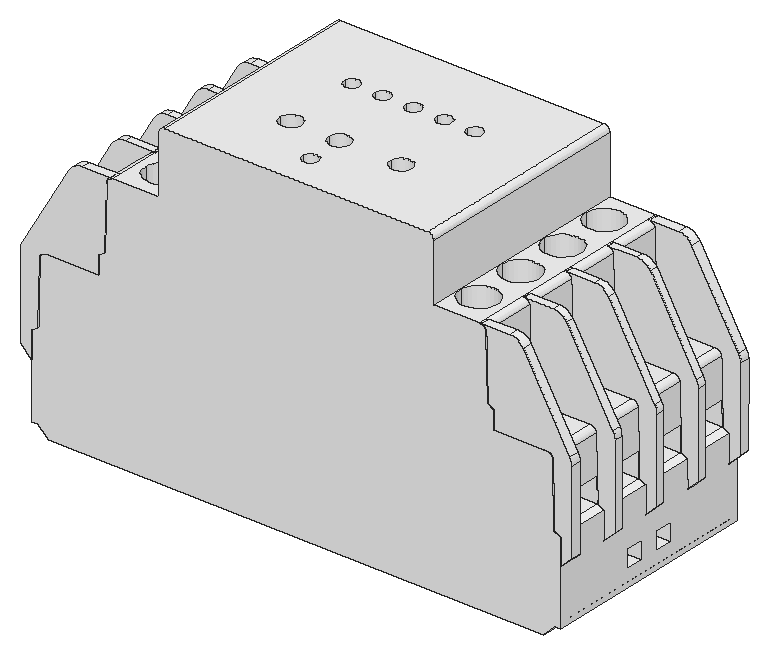
Revit family "Gira_531900", category Electrical Fixtures, host Face, Revit 2017
Family settings
  Host = Face
  Maintain Annotation Orientation = No
  Round Connector Dimension = Use Diameter
  Part Type = Normal
  Cut with Voids When Loaded = No
  Shared = No
  Room Calculation Point = No
Parameters (values of type "Pow.supply DC 12 V 2  A DRA Accessories")
  URL = "https://www.gira.de/"
  Type Comments = ""
  Model = ""
  Manufacturer = "Gira"
  Keynote = ""
  HeinzeBIM = "https://www.heinze.de/bim/pow-supply-dc-12-v-2-a-dra-accessories/d6225ded82d3066a22a992929dfc11803a763672"
  HAN = "531900"
  GTIN = "4010337774037"
  Description = "PS DC 12V 2A DRA Zub. Power supply DC 12 V   2 A ,DRA Features: - Power supply DC 12 V for the eNet server, eNet radio reception module and external camera."
  Default Elevation = 1219.2 mm
  Cost = 0
  BIMSITE_PRODUCT_ID = "d6225ded82d3066a22a992929dfc11803a763672"
  BIM = "https://media.live.bim.site/t/eyJhbGciOiJIUzI1NiIsInR5cCI6IkpXVCJ9.eyJjdCI6MSwidGYiOiJwdWJsaWMvZ2lyYS8wOWY1ZGI1L1JFRyAyZi5yZmEiLCJjaWQiOiJmZWQ5OGU5YS0xYmQ4LTRjNjgtYTczYi03NGE5NGUzMTU4MjMiLCJyaWQiOiJhOGU0ZjcyNzYxYWFkNjAwYzFiNzEzNjcwMjVmMGI2YyIsInBpZCI6ImQ2MjI1ZGVkODJkMzA2NmEyMmE5OTI5MjlkZmMxMTgwM2E3NjM2NzIiLCJzaWQiOiI2MzQ3MCIsInV0Ijo1LCJsYyI6ImVuIiwiaWF0IjoxNjA3NDQxODg4LCJpc3MiOiJodHRwczovL2FwaS5saXZlLmJpbS5zaXRlIiwic3ViIjoiOGQzYWE1Y2ItZTA2Ni00NTk4LWJlMTYtNmUxNmVlNzQ5NTZhIn0.EJjIrMEDTp_ZZzvqzmiCO_dyhojv_EIjsfVNEi3p7Qg/REG 2f.rfa"
  Assembly Code = ""
Reference planes
  plane 1 "Center (Front/Back)": y = 0
  plane 2: z = 0
  plane 3 "Center (Left/Right)": x = 0
Forms (mm)
  Extrusion 1, solid, material "White", detail levels fine
    sketch origin (0, 0.085, 0) x (1, 0, 0) y (0, 0, 1)
      loop
        line (40.325, 0) -> (42.075, 1.75) -> (43.075, 1.75) -> (43.005, 15.155) -> (42, 15.736) -> (41.767, 25.973)
        spline (41.767, 25.973) -> (41.756, 26.101) -> (41.729, 26.227) -> (41.685, 26.348) -> (41.626, 26.463) -> (41.553, 26.569) -> (41.467, 26.665) -> (41.369, 26.749) -> (41.261, 26.82) -> (41.145, 26.876) -> (41.023, 26.917) -> (40.896, 26.942) -> (40.768, 26.95)
        line (40.768, 26.95) -> (32.182, 26.95) -> (32.182, 29.944) -> (31.157, 30.536) -> (30.925, 40.773)
        spline (30.925, 40.773) -> (30.913, 40.901) -> (30.886, 41.027) -> (30.842, 41.148) -> (30.783, 41.263) -> (30.71, 41.369) -> (30.624, 41.465) -> (30.526, 41.549) -> (30.418, 41.62) -> (30.302, 41.676) -> (30.18, 41.717) -> (30.053, 41.742) -> (29.925, 41.75)
        line (29.925, 41.75) -> (22.4, 41.75) -> (22.351, 51.105)
        arc (22.351, 51.105) -> (22.056, 51.809) -> (21.351, 52.1) r 1
        line (21.351, 52.1) -> (-21.351, 52.1)
        arc (-21.351, 52.1) -> (-22.056, 51.809) -> (-22.351, 51.105) r 1
        line (-22.351, 51.105) -> (-22.4, 41.75) -> (-29.925, 41.75)
        spline (-29.925, 41.75) -> (-30.053, 41.742) -> (-30.18, 41.717) -> (-30.302, 41.676) -> (-30.418, 41.62) -> (-30.526, 41.549) -> (-30.624, 41.465) -> (-30.71, 41.369) -> (-30.783, 41.263) -> (-30.842, 41.148) -> (-30.886, 41.027) -> (-30.913, 40.901) -> (-30.925, 40.773)
        line (-30.925, 40.773) -> (-31.157, 30.536) -> (-32.182, 29.944) -> (-32.182, 26.95) -> (-40.768, 26.95)
        spline (-40.768, 26.95) -> (-40.896, 26.942) -> (-41.023, 26.917) -> (-41.145, 26.876) -> (-41.261, 26.82) -> (-41.369, 26.749) -> (-41.467, 26.665) -> (-41.553, 26.569) -> (-41.626, 26.463) -> (-41.685, 26.348) -> (-41.729, 26.227) -> (-41.756, 26.101) -> (-41.767, 25.973)
        line (-41.767, 25.973) -> (-42, 15.736) -> (-43.005, 15.155) -> (-43.075, 1.75) -> (-42.075, 1.75) -> (-40.325, 0) -> (40.325, 0)
    from -17.83 to 18
  Extrusion 2, solid, material "White", detail levels fine
    sketch origin (0, 0.085, 0) x (1, 0, 0) y (0, 0, 1)
      loop
        arc (-44.59, 27.35) -> (-44.84, 26.747) -> (-44.925, 26.1) r 2.5
        line (-44.925, 26.1) -> (-44.925, 12.6) -> (-43.028, 10.805) -> (-43.005, 15.155) -> (-42, 15.736) -> (-41.767, 25.973)
        spline (-41.767, 25.973) -> (-41.756, 26.101) -> (-41.729, 26.227) -> (-41.685, 26.348) -> (-41.626, 26.463) -> (-41.553, 26.569) -> (-41.467, 26.665) -> (-41.369, 26.749) -> (-41.261, 26.82) -> (-41.145, 26.876) -> (-41.023, 26.917) -> (-40.896, 26.942) -> (-40.768, 26.95)
        line (-40.768, 26.95) -> (-32.182, 26.95) -> (-32.182, 29.944) -> (-31.157, 30.536) -> (-30.925, 40.773)
        spline (-30.925, 40.773) -> (-30.913, 40.901) -> (-30.886, 41.027) -> (-30.842, 41.148) -> (-30.783, 41.263) -> (-30.71, 41.369) -> (-30.624, 41.465) -> (-30.526, 41.549) -> (-30.418, 41.62) -> (-30.302, 41.676) -> (-30.18, 41.717) -> (-30.053, 41.742) -> (-29.925, 41.75)
        line (-29.925, 41.75) -> (-34.833, 41.75)
        arc (-34.833, 41.75) -> (-36.083, 41.415) -> (-36.998, 40.5) r 2.5
        line (-36.998, 40.5) -> (-44.59, 27.35)
      loop
        line (44.59, 27.35) -> (36.998, 40.5)
        arc (36.998, 40.5) -> (36.083, 41.415) -> (34.833, 41.75) r 2.5
        line (34.833, 41.75) -> (29.925, 41.75)
        spline (29.925, 41.75) -> (30.053, 41.742) -> (30.18, 41.717) -> (30.302, 41.676) -> (30.418, 41.62) -> (30.526, 41.549) -> (30.624, 41.465) -> (30.71, 41.369) -> (30.783, 41.263) -> (30.842, 41.148) -> (30.886, 41.027) -> (30.913, 40.901) -> (30.925, 40.773)
        line (30.925, 40.773) -> (31.157, 30.536) -> (32.182, 29.944) -> (32.182, 26.95) -> (40.768, 26.95)
        spline (40.768, 26.95) -> (40.896, 26.942) -> (41.023, 26.917) -> (41.145, 26.876) -> (41.261, 26.82) -> (41.369, 26.749) -> (41.467, 26.665) -> (41.553, 26.569) -> (41.626, 26.463) -> (41.685, 26.348) -> (41.729, 26.227) -> (41.756, 26.101) -> (41.767, 25.973)
        line (41.767, 25.973) -> (42, 15.736) -> (43.005, 15.155) -> (43.028, 10.805) -> (44.925, 12.6) -> (44.925, 26.1)
        arc (44.925, 26.1) -> (44.84, 26.747) -> (44.59, 27.35) r 2.5
    from 16.446 to 18
  Extrusion 3, solid, material "White", detail levels fine
    sketch origin (0, 8.585, 0) x (1, 0, 0) y (0, 0, 1)
      loop
        arc (-44.59, 27.35) -> (-44.84, 26.747) -> (-44.925, 26.1) r 2.5
        line (-44.925, 26.1) -> (-44.925, 12.6) -> (-43.028, 10.805) -> (-43.005, 15.155) -> (-42, 15.736) -> (-41.767, 25.973)
        spline (-41.767, 25.973) -> (-41.756, 26.101) -> (-41.729, 26.227) -> (-41.685, 26.348) -> (-41.626, 26.463) -> (-41.553, 26.569) -> (-41.467, 26.665) -> (-41.369, 26.749) -> (-41.261, 26.82) -> (-41.145, 26.876) -> (-41.023, 26.917) -> (-40.896, 26.942) -> (-40.768, 26.95)
        line (-40.768, 26.95) -> (-32.182, 26.95) -> (-32.182, 29.944) -> (-31.157, 30.536) -> (-30.925, 40.773)
        spline (-30.925, 40.773) -> (-30.913, 40.901) -> (-30.886, 41.027) -> (-30.842, 41.148) -> (-30.783, 41.263) -> (-30.71, 41.369) -> (-30.624, 41.465) -> (-30.526, 41.549) -> (-30.418, 41.62) -> (-30.302, 41.676) -> (-30.18, 41.717) -> (-30.053, 41.742) -> (-29.925, 41.75)
        line (-29.925, 41.75) -> (-34.833, 41.75)
        arc (-34.833, 41.75) -> (-36.083, 41.415) -> (-36.998, 40.5) r 2.5
        line (-36.998, 40.5) -> (-44.59, 27.35)
      loop
        line (44.59, 27.35) -> (36.998, 40.5)
        arc (36.998, 40.5) -> (36.083, 41.415) -> (34.833, 41.75) r 2.5
        line (34.833, 41.75) -> (29.925, 41.75)
        spline (29.925, 41.75) -> (30.053, 41.742) -> (30.18, 41.717) -> (30.302, 41.676) -> (30.418, 41.62) -> (30.526, 41.549) -> (30.624, 41.465) -> (30.71, 41.369) -> (30.783, 41.263) -> (30.842, 41.148) -> (30.886, 41.027) -> (30.913, 40.901) -> (30.925, 40.773)
        line (30.925, 40.773) -> (31.157, 30.536) -> (32.182, 29.944) -> (32.182, 26.95) -> (40.768, 26.95)
        spline (40.768, 26.95) -> (40.896, 26.942) -> (41.023, 26.917) -> (41.145, 26.876) -> (41.261, 26.82) -> (41.369, 26.749) -> (41.467, 26.665) -> (41.553, 26.569) -> (41.626, 26.463) -> (41.685, 26.348) -> (41.729, 26.227) -> (41.756, 26.101) -> (41.767, 25.973)
        line (41.767, 25.973) -> (42, 15.736) -> (43.005, 15.155) -> (43.028, 10.805) -> (44.925, 12.6) -> (44.925, 26.1)
        arc (44.925, 26.1) -> (44.84, 26.747) -> (44.59, 27.35) r 2.5
    from 16.49 to 17.724
  Extrusion 4, solid, material "White", detail levels fine
    sketch origin (0, 17.107, 0) x (1, 0, 0) y (0, 0, 1)
      loop
        arc (-44.59, 27.35) -> (-44.84, 26.747) -> (-44.925, 26.1) r 2.5
        line (-44.925, 26.1) -> (-44.925, 12.6) -> (-43.028, 10.805) -> (-43.005, 15.155) -> (-42, 15.736) -> (-41.767, 25.973)
        spline (-41.767, 25.973) -> (-41.756, 26.101) -> (-41.729, 26.227) -> (-41.685, 26.348) -> (-41.626, 26.463) -> (-41.553, 26.569) -> (-41.467, 26.665) -> (-41.369, 26.749) -> (-41.261, 26.82) -> (-41.145, 26.876) -> (-41.023, 26.917) -> (-40.896, 26.942) -> (-40.768, 26.95)
        line (-40.768, 26.95) -> (-32.182, 26.95) -> (-32.182, 29.944) -> (-31.157, 30.536) -> (-30.925, 40.773)
        spline (-30.925, 40.773) -> (-30.913, 40.901) -> (-30.886, 41.027) -> (-30.842, 41.148) -> (-30.783, 41.263) -> (-30.71, 41.369) -> (-30.624, 41.465) -> (-30.526, 41.549) -> (-30.418, 41.62) -> (-30.302, 41.676) -> (-30.18, 41.717) -> (-30.053, 41.742) -> (-29.925, 41.75)
        line (-29.925, 41.75) -> (-34.833, 41.75)
        arc (-34.833, 41.75) -> (-36.083, 41.415) -> (-36.998, 40.5) r 2.5
        line (-36.998, 40.5) -> (-44.59, 27.35)
      loop
        line (44.59, 27.35) -> (36.998, 40.5)
        arc (36.998, 40.5) -> (36.083, 41.415) -> (34.833, 41.75) r 2.5
        line (34.833, 41.75) -> (29.925, 41.75)
        spline (29.925, 41.75) -> (30.053, 41.742) -> (30.18, 41.717) -> (30.302, 41.676) -> (30.418, 41.62) -> (30.526, 41.549) -> (30.624, 41.465) -> (30.71, 41.369) -> (30.783, 41.263) -> (30.842, 41.148) -> (30.886, 41.027) -> (30.913, 40.901) -> (30.925, 40.773)
        line (30.925, 40.773) -> (31.157, 30.536) -> (32.182, 29.944) -> (32.182, 26.95) -> (40.768, 26.95)
        spline (40.768, 26.95) -> (40.896, 26.942) -> (41.023, 26.917) -> (41.145, 26.876) -> (41.261, 26.82) -> (41.369, 26.749) -> (41.467, 26.665) -> (41.553, 26.569) -> (41.626, 26.463) -> (41.685, 26.348) -> (41.729, 26.227) -> (41.756, 26.101) -> (41.767, 25.973)
        line (41.767, 25.973) -> (42, 15.736) -> (43.005, 15.155) -> (43.028, 10.805) -> (44.925, 12.6) -> (44.925, 26.1)
        arc (44.925, 26.1) -> (44.84, 26.747) -> (44.59, 27.35) r 2.5
    from 16.49 to 17.724
  Extrusion 5, solid, material "White", detail levels fine
    sketch origin (0, 25.607, 0) x (1, 0, 0) y (0, 0, 1)
      loop
        arc (-44.59, 27.35) -> (-44.84, 26.747) -> (-44.925, 26.1) r 2.5
        line (-44.925, 26.1) -> (-44.925, 12.6) -> (-43.028, 10.805) -> (-43.005, 15.155) -> (-42, 15.736) -> (-41.767, 25.973)
        spline (-41.767, 25.973) -> (-41.756, 26.101) -> (-41.729, 26.227) -> (-41.685, 26.348) -> (-41.626, 26.463) -> (-41.553, 26.569) -> (-41.467, 26.665) -> (-41.369, 26.749) -> (-41.261, 26.82) -> (-41.145, 26.876) -> (-41.023, 26.917) -> (-40.896, 26.942) -> (-40.768, 26.95)
        line (-40.768, 26.95) -> (-32.182, 26.95) -> (-32.182, 29.944) -> (-31.157, 30.536) -> (-30.925, 40.773)
        spline (-30.925, 40.773) -> (-30.913, 40.901) -> (-30.886, 41.027) -> (-30.842, 41.148) -> (-30.783, 41.263) -> (-30.71, 41.369) -> (-30.624, 41.465) -> (-30.526, 41.549) -> (-30.418, 41.62) -> (-30.302, 41.676) -> (-30.18, 41.717) -> (-30.053, 41.742) -> (-29.925, 41.75)
        line (-29.925, 41.75) -> (-34.833, 41.75)
        arc (-34.833, 41.75) -> (-36.083, 41.415) -> (-36.998, 40.5) r 2.5
        line (-36.998, 40.5) -> (-44.59, 27.35)
      loop
        line (44.59, 27.35) -> (36.998, 40.5)
        arc (36.998, 40.5) -> (36.083, 41.415) -> (34.833, 41.75) r 2.5
        line (34.833, 41.75) -> (29.925, 41.75)
        spline (29.925, 41.75) -> (30.053, 41.742) -> (30.18, 41.717) -> (30.302, 41.676) -> (30.418, 41.62) -> (30.526, 41.549) -> (30.624, 41.465) -> (30.71, 41.369) -> (30.783, 41.263) -> (30.842, 41.148) -> (30.886, 41.027) -> (30.913, 40.901) -> (30.925, 40.773)
        line (30.925, 40.773) -> (31.157, 30.536) -> (32.182, 29.944) -> (32.182, 26.95) -> (40.768, 26.95)
        spline (40.768, 26.95) -> (40.896, 26.942) -> (41.023, 26.917) -> (41.145, 26.876) -> (41.261, 26.82) -> (41.369, 26.749) -> (41.467, 26.665) -> (41.553, 26.569) -> (41.626, 26.463) -> (41.685, 26.348) -> (41.729, 26.227) -> (41.756, 26.101) -> (41.767, 25.973)
        line (41.767, 25.973) -> (42, 15.736) -> (43.005, 15.155) -> (43.028, 10.805) -> (44.925, 12.6) -> (44.925, 26.1)
        arc (44.925, 26.1) -> (44.84, 26.747) -> (44.59, 27.35) r 2.5
    from 16.49 to 17.724
  Extrusion 6, solid, material "White", detail levels fine
    sketch origin (0, 34.11, 0) x (1, 0, 0) y (0, 0, 1)
      loop
        arc (-44.59, 27.35) -> (-44.84, 26.747) -> (-44.925, 26.1) r 2.5
        line (-44.925, 26.1) -> (-44.925, 12.6) -> (-43.028, 10.805) -> (-43.005, 15.155) -> (-42, 15.736) -> (-41.767, 25.973)
        spline (-41.767, 25.973) -> (-41.756, 26.101) -> (-41.729, 26.227) -> (-41.685, 26.348) -> (-41.626, 26.463) -> (-41.553, 26.569) -> (-41.467, 26.665) -> (-41.369, 26.749) -> (-41.261, 26.82) -> (-41.145, 26.876) -> (-41.023, 26.917) -> (-40.896, 26.942) -> (-40.768, 26.95)
        line (-40.768, 26.95) -> (-32.182, 26.95) -> (-32.182, 29.944) -> (-31.157, 30.536) -> (-30.925, 40.773)
        spline (-30.925, 40.773) -> (-30.913, 40.901) -> (-30.886, 41.027) -> (-30.842, 41.148) -> (-30.783, 41.263) -> (-30.71, 41.369) -> (-30.624, 41.465) -> (-30.526, 41.549) -> (-30.418, 41.62) -> (-30.302, 41.676) -> (-30.18, 41.717) -> (-30.053, 41.742) -> (-29.925, 41.75)
        line (-29.925, 41.75) -> (-34.833, 41.75)
        arc (-34.833, 41.75) -> (-36.083, 41.415) -> (-36.998, 40.5) r 2.5
        line (-36.998, 40.5) -> (-44.59, 27.35)
      loop
        line (44.59, 27.35) -> (36.998, 40.5)
        arc (36.998, 40.5) -> (36.083, 41.415) -> (34.833, 41.75) r 2.5
        line (34.833, 41.75) -> (29.925, 41.75)
        spline (29.925, 41.75) -> (30.053, 41.742) -> (30.18, 41.717) -> (30.302, 41.676) -> (30.418, 41.62) -> (30.526, 41.549) -> (30.624, 41.465) -> (30.71, 41.369) -> (30.783, 41.263) -> (30.842, 41.148) -> (30.886, 41.027) -> (30.913, 40.901) -> (30.925, 40.773)
        line (30.925, 40.773) -> (31.157, 30.536) -> (32.182, 29.944) -> (32.182, 26.95) -> (40.768, 26.95)
        spline (40.768, 26.95) -> (40.896, 26.942) -> (41.023, 26.917) -> (41.145, 26.876) -> (41.261, 26.82) -> (41.369, 26.749) -> (41.467, 26.665) -> (41.553, 26.569) -> (41.626, 26.463) -> (41.685, 26.348) -> (41.729, 26.227) -> (41.756, 26.101) -> (41.767, 25.973)
        line (41.767, 25.973) -> (42, 15.736) -> (43.005, 15.155) -> (43.028, 10.805) -> (44.925, 12.6) -> (44.925, 26.1)
        arc (44.925, 26.1) -> (44.84, 26.747) -> (44.59, 27.35) r 2.5
    from 16.195 to 17.748
  Extrusion 7, void, detail levels fine
    sketch origin (0, 0.085, 0) x (1, 0, 0) y (0, 1, 0)
      loop
        circle (-35.274, 12.665) r 3.05
    from 24.323 to 26.95
  Extrusion 8, void, detail levels fine
    sketch origin (0, -8.415, 0) x (1, 0, 0) y (0, 1, 0)
      loop
        circle (-35.274, 12.665) r 3.05
    from 24.323 to 26.95
  Extrusion 9, void, detail levels fine
    sketch origin (0, -16.915, 0) x (1, 0, 0) y (0, 1, 0)
      loop
        circle (-35.274, 12.665) r 3.05
    from 24.323 to 26.95
  Extrusion 10, void, detail levels fine
    sketch origin (0, -25.415, 0) x (1, 0, 0) y (0, 1, 0)
      loop
        circle (-35.274, 12.665) r 3.05
    from 24.323 to 26.95
  Extrusion 11, void, detail levels fine
    sketch origin (0, 0.085, 0) x (1, 0, 0) y (0, 1, 0)
      loop
        circle (-25.624, 12.665) r 3.05
    from 37.243 to 41.75
  Extrusion 12, void, detail levels fine
    sketch origin (0, -8.415, 0) x (1, 0, 0) y (0, 1, 0)
      loop
        circle (-25.624, 12.665) r 3.05
    from 37.243 to 41.75
  Extrusion 13, void, detail levels fine
    sketch origin (0, -16.915, 0) x (1, 0, 0) y (0, 1, 0)
      loop
        circle (-25.624, 12.665) r 3.05
    from 37.243 to 41.75
  Extrusion 14, void, detail levels fine
    sketch origin (0, -25.415, 0) x (1, 0, 0) y (0, 1, 0)
      loop
        circle (-25.624, 12.665) r 3.05
    from 37.243 to 41.75
  Extrusion 15, void, detail levels fine
    sketch origin (0, 0.085, 0) x (1, 0, 0) y (0, 1, 0)
      loop
        circle (-10.024, 5.915) r 1.275
      loop
        circle (-5.024, 5.915) r 1.275
      loop
        circle (-0.024, 5.915) r 1.275
      loop
        circle (4.976, 5.915) r 1.275
      loop
        circle (9.976, 5.915) r 1.275
      loop
        circle (-10.024, -6.585) r 1.75
      loop
        circle (-2.024, -6.585) r 1.75
      loop
        circle (-2.024, -12.585) r 1.275
      loop
        circle (7.976, -6.585) r 1.75
    from 44.278 to 52.1
  Extrusion 16, void
    sketch origin (0, 0, 0) x (0, 1, 0) y (0, 0, 1)
      loop
        line (1.5, 7.47) -> (1.5, 4.67) -> (4.5, 4.67) -> (4.5, 7.47) -> (1.5, 7.47)
      loop
        line (-4.5, 7.47) -> (-4.5, 4.67) -> (-1.5, 4.67) -> (-1.5, 7.47) -> (-4.5, 7.47)
    from -47.729 to 48.928
  Extrusion 17, void, detail levels fine
    sketch origin (0, 0, 0) x (0, 1, 0) y (0, 0, 1)
      loop
        line (16.361, 15.736) -> (16.361, 19.75) -> (9.117, 19.75) -> (9.117, 15.736) -> (16.361, 15.736)
      loop
        line (7.883, 19.75) -> (0.617, 19.75) -> (0.617, 15.736) -> (7.883, 15.736) -> (7.883, 19.75)
      loop
        line (-7.905, 19.75) -> (-7.905, 15.736) -> (-0.617, 15.736) -> (-0.617, 19.75) -> (-7.905, 19.75)
      loop
        line (-16.361, 19.75) -> (-16.361, 15.736) -> (-9.139, 15.736) -> (-9.139, 19.75) -> (-16.361, 19.75)
    from -42.725 to 42.663
  Extrusion 18, void, detail levels fine
    sketch origin (0, 0, 0) x (0, 1, 0) y (0, 0, 1)
      loop
        line (16.361, 30.536) -> (16.361, 34.55) -> (9.117, 34.55) -> (9.117, 30.536) -> (16.361, 30.536)
      loop
        line (7.883, 34.55) -> (0.617, 34.55) -> (0.617, 30.536) -> (7.883, 30.536) -> (7.883, 34.55)
      loop
        line (-7.905, 34.55) -> (-7.905, 30.536) -> (-0.617, 30.536) -> (-0.617, 34.55) -> (-7.905, 34.55)
      loop
        line (-16.361, 34.55) -> (-16.361, 30.536) -> (-9.139, 30.536) -> (-9.139, 34.55) -> (-16.361, 34.55)
    from -33.613 to 32.182
  Extrusion 19, void, detail levels fine
    sketch origin (0, 0.085, 0) x (-1, 0, 0) y (0, -1, 0)
      loop
        circle (-35.274, -12.665) r 3.05
    from 24.323 to 26.95
  Extrusion 20, void, detail levels fine
    sketch origin (0, -8.415, 0) x (-1, 0, 0) y (0, -1, 0)
      loop
        circle (-35.274, -12.665) r 3.05
    from 24.323 to 26.95
  Extrusion 21, void, detail levels fine
    sketch origin (0, -16.915, 0) x (-1, 0, 0) y (0, -1, 0)
      loop
        circle (-35.274, -12.665) r 3.05
    from 24.323 to 26.95
  Extrusion 22, void, detail levels fine
    sketch origin (0, -25.415, 0) x (-1, 0, 0) y (0, -1, 0)
      loop
        circle (-35.274, -12.665) r 3.05
    from 24.323 to 26.95
  Extrusion 23, void, detail levels fine
    sketch origin (0, 0.085, 0) x (-1, 0, 0) y (0, -1, 0)
      loop
        circle (-25.624, -12.665) r 3.05
    from 37.243 to 41.75
  Extrusion 24, void, detail levels fine
    sketch origin (0, -8.415, 0) x (-1, 0, 0) y (0, -1, 0)
      loop
        circle (-25.624, -12.665) r 3.05
    from 37.243 to 41.75
  Extrusion 25, void, detail levels fine
    sketch origin (0, -16.915, 0) x (-1, 0, 0) y (0, -1, 0)
      loop
        circle (-25.624, -12.665) r 3.05
    from 37.243 to 41.75
  Extrusion 26, void, detail levels fine
    sketch origin (0, -25.415, 0) x (-1, 0, 0) y (0, -1, 0)
      loop
        circle (-25.624, -12.665) r 3.05
    from 37.243 to 41.75
  Extrusion 27, solid, material "White", detail levels medium
    sketch origin (0, 0, 0) x (1, 0, 0) y (0, 0, 1)
      loop
        line (-36.998, 40.5) -> (-44.59, 27.35)
        arc (-44.59, 27.35) -> (-44.84, 26.747) -> (-44.925, 26.1) r 2.5
        line (-44.925, 26.1) -> (-44.925, 12.6) -> (-43.028, 10.805) -> (-43.075, 1.75) -> (-42.075, 1.75) -> (-40.325, 0) -> (40.325, 0) -> (42.075, 1.75) -> (43.075, 1.75) -> (43.028, 10.805) -> (44.925, 12.6) -> (44.925, 26.1)
        arc (44.925, 26.1) -> (44.84, 26.747) -> (44.59, 27.35) r 2.5
        line (44.59, 27.35) -> (36.998, 40.5)
        arc (36.998, 40.5) -> (36.083, 41.415) -> (34.833, 41.75) r 2.5
        line (34.833, 41.75) -> (22.4, 41.75) -> (22.351, 51.105)
        arc (22.351, 51.105) -> (22.056, 51.809) -> (21.351, 52.1) r 1
        line (21.351, 52.1) -> (-21.351, 52.1)
        arc (-21.351, 52.1) -> (-22.056, 51.809) -> (-22.351, 51.105) r 1
        line (-22.351, 51.105) -> (-22.4, 41.75) -> (-34.833, 41.75)
        arc (-34.833, 41.75) -> (-36.083, 41.415) -> (-36.998, 40.5) r 2.5
    from -17.915 to 17.915
  Extrusion 28, solid, material "White", detail levels coarse
    sketch origin (0, 0, 0) x (1, 0, 0) y (0, 0, 1)
      loop
        line (-44.925, 52.1) -> (-44.925, 0) -> (44.925, 0) -> (44.925, 52.1) -> (-44.925, 52.1)
    from -17.915 to 17.915
Cuts and joins
  Extrusion 7, Extrusion 8, Extrusion 9, Extrusion 10, Extrusion 11, Extrusion 12, Extrusion 13, Extrusion 14, Extrusion 15, Extrusion 16, Extrusion 17, Extrusion 18, Extrusion 19, Extrusion 20, Extrusion 21, Extrusion 22, Extrusion 23, Extrusion 24, Extrusion 25, Extrusion 26 cuts Extrusion 1
  Extrusion 17, Extrusion 18 cuts Extrusion 2
  Extrusion 17, Extrusion 18 cuts Extrusion 3
  Extrusion 17, Extrusion 18 cuts Extrusion 4
  Extrusion 17, Extrusion 18 cuts Extrusion 5
  Extrusion 17, Extrusion 18 cuts Extrusion 6
Dimensions and locks
  aligned and locked: plane 2 to host face
  aligned and locked: level to host face
